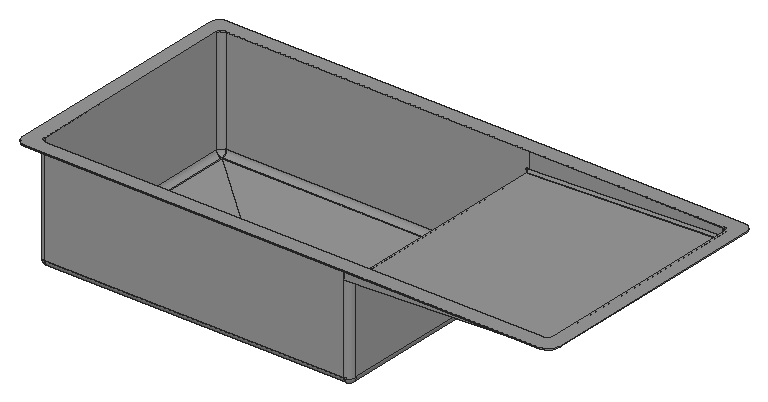
Revit family "BUILDMAT-SNGM009-Cody-950-Drainboard-Gunmetal", category Plumbing Fixtures, host Face, Revit 2020
Family settings
  Host = Face
  Round Connector Dimension = Use Diameter
  Part Type = Normal
  Cut with Voids When Loaded = No
  Shared = No
  Room Calculation Point = No
Parameters (values of type "Cody 950x450x205mm")
  Width = 550.0 mm
  Undermount [instance] = 0.0 mm
  URL = "https://www.buildmat.com.au/products/950x450x250-single-bowl-drainboard-sink"
  Model = "SNA01009"  # constant formula
  Manufacturer URL = "https://www.buildmat.com.au/"
  Manufacturer = "BUILDMAT"  # constant formula
  Length = 400.0 mm
  Drainboard Length = 350.0 mm
  Description = "BUILDMAT - Cody 950x450 Single Bowl with Drain Board Sink"  # constant formula
  Depth = 205.0 mm
  Default Elevation = 1219.2 mm
  Created By URL = "https://www.buildmat.com.au/"
  Created By = "BUILDMAT"  # constant formula
  Created = "22.06.2022"  # constant formula
  Material = BUILDMAT Gunmetal
Reference planes
  plane 1 "Center (Front/Back)": y = 0
  plane 2: z = 0
  plane 3 "Center (Left/Right)": x = 0
  plane 4 "Left": x = -275
  plane 5 "Right": x = 275
  plane 6 "Back": y = 200
  plane 7 "Front": y = -200
  plane 8 "Drainboard": x = 625
  plane 9: x = -276.5
  plane 10: x = 626.5
  plane 11: x = -265
  plane 12: x = 265
  plane 13: x = -300
  plane 14: x = 650
  plane 15: y = 201.5
  plane 16: y = -201.5
  plane 17: y = 100
  plane 18: y = -100
  plane 19: y = 225
  plane 20: y = -225
  plane 21 "Top Substrate": z = 0
  plane 22: z = 1.5
  plane 23 "Bottom Void": z = -205
  plane 24: z = -185
  plane 25: z = -195
  plane 26 "Sound Pad": z = -85
  plane 27: z = -196.5
  plane 28: z = -200
  plane 29: z = -201.5
  plane 30: x = -175
  plane 31: x = 175
  plane 32: x = 276.5
  plane 33: x = 615
  plane 34: y = 190
  plane 35: y = -190
  plane 36: x = -45
  plane 37: x = -57
  plane 38: x = 45
  plane 39: x = 57
  plane 40: z = -30
  plane 41: z = -15
  plane 42: x = -100
  plane 43: x = 100
  plane 44: x = 525
Forms (mm)
  Extrusion 1, void
    sketch origin (0, 0, 0) x (-1, 0, 0) y (0, -1, 0)
      loop
        arc (280, -225) -> (294.142, -219.142) -> (300, -205) r 20
        line (300, -205) -> (300, 205)
        arc (300, 205) -> (294.142, 219.142) -> (280, 225) r 20
        line (280, 225) -> (-630, 225)
        arc (-630, 225) -> (-644.142, 219.142) -> (-650, 205) r 20
        line (-650, 205) -> (-650, -205)
        arc (-650, -205) -> (-644.142, -219.142) -> (-630, -225) r 20
        line (-630, -225) -> (280, -225)
    from 0 to 1.5
  Extrusion 2, void
    sketch origin (0, 0, 0) x (-1, 0, 0) y (0, -1, 0)
      loop
        arc (265, -200) -> (272.071, -197.071) -> (275, -190) r 10
        line (275, -190) -> (275, 190)
        arc (275, 190) -> (272.071, 197.071) -> (265, 200) r 10
        line (265, 200) -> (-615, 200)
        arc (-615, 200) -> (-622.071, 197.071) -> (-625, 190) r 10
        line (-625, 190) -> (-625, -190)
        arc (-625, -190) -> (-622.071, -197.071) -> (-615, -200) r 10
        line (-615, -200) -> (265, -200)
    from 1.5 to 0
  Extrusion 3, void
    sketch origin (0, 0, 0) x (-1, 0, 0) y (0, -1, 0)
      loop
        line (276.5, -201.5) -> (276.5, 201.5) -> (-626.5, 201.5) -> (-626.5, -201.5) -> (276.5, -201.5)
    from 0 to -205
  Extrusion 4, solid, material "BUILDMAT Gunmetal" <- "Material"
    sketch origin (0, 0, 0) x (-1, 0, 0) y (0, -1, 0)
      loop
        arc (265, -200) -> (272.071, -197.071) -> (275, -190) r 10
        line (275, -190) -> (275, 190)
        arc (275, 190) -> (272.071, 197.071) -> (265, 200) r 10
        line (265, 200) -> (-265, 200)
        arc (-265, 200) -> (-272.071, 197.071) -> (-275, 190) r 10
        line (-275, 190) -> (-275, -190)
        arc (-275, -190) -> (-272.071, -197.071) -> (-265, -200) r 10
        line (-265, -200) -> (265, -200)
      loop
        arc (265, -201.5) -> (273.132, -198.132) -> (276.5, -190) r 11.5
        line (276.5, -190) -> (276.5, 190)
        arc (276.5, 190) -> (273.132, 198.132) -> (265, 201.5) r 11.5
        line (265, 201.5) -> (-265, 201.5)
        arc (-265, 201.5) -> (-273.132, 198.132) -> (-276.5, 190) r 11.5
        line (-276.5, 190) -> (-276.5, -190)
        arc (-276.5, -190) -> (-273.132, -198.132) -> (-265, -201.5) r 11.5
        line (-265, -201.5) -> (265, -201.5)
    from 0 to -185
  Extrusion 5, solid, material "BUILDMAT Gunmetal" <- "Material"
    sketch origin (0, 0, 0) x (-1, 0, 0) y (0, -1, 0)
      loop
        arc (280, -225) -> (294.142, -219.142) -> (300, -205) r 20
        line (300, -205) -> (300, 205)
        arc (300, 205) -> (294.142, 219.142) -> (280, 225) r 20
        line (280, 225) -> (-630, 225)
        arc (-630, 225) -> (-644.142, 219.142) -> (-650, 205) r 20
        line (-650, 205) -> (-650, -205)
        arc (-650, -205) -> (-644.142, -219.142) -> (-630, -225) r 20
        line (-630, -225) -> (280, -225)
      loop
        arc (265, -200) -> (272.071, -197.071) -> (275, -190) r 10
        line (275, -190) -> (275, 190)
        arc (275, 190) -> (272.071, 197.071) -> (265, 200) r 10
        line (265, 200) -> (-615, 200)
        arc (-615, 200) -> (-622.071, 197.071) -> (-625, 190) r 10
        line (-625, 190) -> (-625, -190)
        arc (-625, -190) -> (-622.071, -197.071) -> (-615, -200) r 10
        line (-615, -200) -> (265, -200)
    from 0 to 1.5
  Extrusion 6, solid, material "BUILDMAT Gunmetal" <- "Material"
    sketch origin (0, 0, 0) x (1, 0, 0) y (0, 0, 1)
      loop
        line (-275, -185) -> (-276.5, -185)
        arc (-276.5, -185) -> (-273.132, -193.132) -> (-265, -196.5) r 11.5
        line (-265, -196.5) -> (-265, -195)
        arc (-265, -195) -> (-272.071, -192.071) -> (-275, -185) r 10
    from -190 to 190
  Extrusion 7, solid, material "BUILDMAT Gunmetal" <- "Material"
    sketch origin (0, 0, 0) x (1, 0, 0) y (0, 0, 1)
      loop
        arc (275, -185) -> (272.071, -192.071) -> (265, -195) r 10
        line (265, -195) -> (265, -196.5)
        arc (265, -196.5) -> (273.132, -193.132) -> (276.5, -185) r 11.5
        line (276.5, -185) -> (275, -185)
    from -190 to 190
  Extrusion 8, solid, material "BUILDMAT Gunmetal" <- "Material"
    sketch origin (0, 0, 0) x (0, 1, 0) y (0, 0, 1)
      loop
        arc (200, -185) -> (197.071, -192.071) -> (190, -195) r 10
        line (190, -195) -> (190, -196.5)
        arc (190, -196.5) -> (198.132, -193.132) -> (201.5, -185) r 11.5
        line (201.5, -185) -> (200, -185)
    from -265 to 265
  Extrusion 9, solid, material "BUILDMAT Gunmetal" <- "Material"
    sketch origin (0, 0, 0) x (0, 1, 0) y (0, 0, 1)
      loop
        line (-200, -185) -> (-201.5, -185)
        arc (-201.5, -185) -> (-198.132, -193.132) -> (-190, -196.5) r 11.5
        line (-190, -196.5) -> (-190, -195)
        arc (-190, -195) -> (-197.071, -192.071) -> (-200, -185) r 10
    from -265 to 265
  Revolve 10, solid, material "BUILDMAT Gunmetal" <- "Material"
    sketch origin (-414.842, 190, 1219.2) x (-1, 0, 0) y (0, 0, 1)
      loop
        line (-149.842, -1414.2) -> (-149.842, -1415.7)
        arc (-149.842, -1415.7) -> (-141.711, -1412.332) -> (-138.342, -1404.2) r 11.5
        line (-138.342, -1404.2) -> (-139.842, -1404.2)
        arc (-139.842, -1404.2) -> (-142.771, -1411.271) -> (-149.842, -1414.2) r 10
      axis (-149.842, -1404.2) -> (-149.842, -1415.7)
    angle from 0 to -90
  Revolve 11, solid, material "BUILDMAT Gunmetal" <- "Material"
    sketch origin (-414.842, 190, 1219.2) x (-1, 0, 0) y (0, 0, 1)
      loop
        line (-689.842, -1404.2) -> (-691.342, -1404.2)
        arc (-691.342, -1404.2) -> (-687.974, -1412.332) -> (-679.842, -1415.7) r 11.5
        line (-679.842, -1415.7) -> (-679.842, -1414.2)
        arc (-679.842, -1414.2) -> (-686.913, -1411.271) -> (-689.842, -1404.2) r 10
      axis (-679.842, -1404.2) -> (-679.842, -1415.7)
    angle from 270 to 360
  Revolve 12, solid, material "BUILDMAT Gunmetal" <- "Material"
    sketch origin (-414.842, -190, 1219.2) x (-1, 0, 0) y (0, 0, 1)
      loop
        line (-149.842, -1414.2) -> (-149.842, -1415.7)
        arc (-149.842, -1415.7) -> (-141.711, -1412.332) -> (-138.342, -1404.2) r 11.5
        line (-138.342, -1404.2) -> (-139.842, -1404.2)
        arc (-139.842, -1404.2) -> (-142.771, -1411.271) -> (-149.842, -1414.2) r 10
      axis (-149.842, -1404.2) -> (-149.842, -1415.7)
    angle from 0 to 90
  Revolve 13, solid, material "BUILDMAT Gunmetal" <- "Material"
    sketch origin (-414.842, -190, 1219.2) x (-1, 0, 0) y (0, 0, 1)
      loop
        line (-689.842, -1404.2) -> (-691.342, -1404.2)
        arc (-691.342, -1404.2) -> (-687.974, -1412.332) -> (-679.842, -1415.7) r 11.5
        line (-679.842, -1415.7) -> (-679.842, -1414.2)
        arc (-679.842, -1414.2) -> (-686.913, -1411.271) -> (-689.842, -1404.2) r 10
      axis (-679.842, -1404.2) -> (-679.842, -1415.7)
    angle from -270 to -360
  Blend 14, solid, material "BUILDMAT Gunmetal" <- "Material"
    base sketch origin (0, 0, 0) x (-1, 0, 0) y (0, -1, 0)
      loop
        circle (0, 0) r 57
    top sketch origin (0, 0, 0) x (-1, 0, 0) y (0, -1, 0)
      loop
        line (265, -190) -> (265, 190) -> (-265, 190) -> (-265, -190) -> (265, -190)
    from -201.5 to -196.5
  Extrusion 15, solid, material "BUILDMAT Gunmetal" <- "Material"
    sketch origin (0, 0, 0) x (-1, 0, 0) y (0, -1, 0)
      loop
        line (265, -190) -> (265, 190) -> (-265, 190) -> (-265, -190) -> (265, -190)
    from -196.5 to -195
  Blend 16, void
    base sketch origin (0, 0, 0) x (-1, 0, 0) y (0, -1, 0)
      loop
        circle (0, 0) r 57
    top sketch origin (0, 0, 0) x (-1, 0, 0) y (0, -1, 0)
      loop
        line (265, -190) -> (265, 190) -> (-265, 190) -> (-265, -190) -> (265, -190)
    from -200 to -195
  Extrusion 17, void
    sketch origin (0, 0, 0) x (-1, 0, 0) y (0, -1, 0)
      loop
        circle (0, 0) r 57
    from -205 to -185
  Revolve 18, solid, material "BUILDMAT Gunmetal" <- "Material"
    sketch origin (0, 0, 0) x (1, 0, 0) y (0, 0, 1)
      loop
        line (-45, -205) -> (-45, -203.5)
        spline (-45, -203.5) -> (-46.371, -203.47) -> (-47.718, -203.381) -> (-49.018, -203.234) -> (-50.25, -203.031) -> (-51.392, -202.777) -> (-52.425, -202.475) -> (-53.33, -202.131) -> (-54.093, -201.75) -> (-54.701, -201.339) -> (-55.142, -200.906) -> (-55.41, -200.457) -> (-55.5, -200)
        line (-55.5, -200) -> (-57, -200)
        spline (-57, -200) -> (-56.897, -200.653) -> (-56.591, -201.294) -> (-56.087, -201.913) -> (-55.392, -202.5) -> (-54.52, -203.044) -> (-53.485, -203.536) -> (-52.305, -203.967) -> (-51, -204.33) -> (-49.592, -204.619) -> (-48.106, -204.83) -> (-46.566, -204.957) -> (-45, -205)
      axis (0, -200) -> (0, -205)
    angle from 0 to 360
  Extrusion 19, solid, material "BUILDMAT Gunmetal" <- "Material"
    sketch origin (0, 0, 0) x (1, 0, 0) y (0, 0, 1)
      loop
        line (626.5, -15) -> (626.5, 0) -> (625, 0) -> (625, -13.561) -> (265, -28.499) -> (265, -30) -> (626.5, -15)
    from -190 to 190
  Revolve 20, solid, material "BUILDMAT Gunmetal" <- "Material"
    sketch origin (-414.842, -190, 1219.2) x (-1, 0, 0) y (0, 0, 1)
      loop
        line (-1041.342, -1219.2) -> (-1041.342, -1234.2) -> (-1029.842, -1234.677) -> (-1029.842, -1233.176) -> (-1039.842, -1232.761) -> (-1039.842, -1219.2) -> (-1041.342, -1219.2)
      axis (-1029.842, -1234.677) -> (-1029.842, -1219.2)
    angle from 0 to 90
  Revolve 21, solid, material "BUILDMAT Gunmetal" <- "Material"
    sketch origin (-414.842, 190, 1219.2) x (-1, 0, 0) y (0, 0, 1)
      loop
        line (-1041.342, -1219.2) -> (-1041.342, -1234.2) -> (-1029.842, -1234.677) -> (-1029.842, -1233.176) -> (-1039.842, -1232.761) -> (-1039.842, -1219.2) -> (-1041.342, -1219.2)
      axis (-1029.842, -1219.2) -> (-1029.842, -1234.677)
    angle from -90 to 0
  SweptBlend 22, solid, material "BUILDMAT Gunmetal" <- "Material"
    path origin (0, 0, 0) x (-1, 0, 0) y (0, -1, 0)
      loop
        line (-615, -200) -> (-265, -200)
    profile origin (615, 200, 0) x (0, -1, 0) y (0, 0, 1)
      loop
        line (-1.5, -15) -> (10, -15.419) -> (10, -13.918) -> (0, -13.554) -> (0, 0) -> (-1.5, 0) -> (-1.5, -15)
    end profile origin (265, 200, 0) x (0, -1, 0) y (0, 0, 1)
      loop
        line (10, -28.499) -> (0, -28.134) -> (0, 0) -> (-1.5, 0) -> (-1.5, -29.581) -> (10, -30) -> (10, -28.499)
  SweptBlend 23, solid, material "BUILDMAT Gunmetal" <- "Material"
    path origin (0, 0, 0) x (-1, 0, 0) y (0, -1, 0)
      loop
        line (-615, 200) -> (-265, 200)
    profile origin (615, -200, 0) x (0, -1, 0) y (0, 0, 1)
      loop
        line (-10, -15.419) -> (1.5, -15) -> (1.5, 0) -> (0, 0) -> (0, -13.554) -> (-10, -13.918) -> (-10, -15.419)
    end profile origin (265, -200, 0) x (0, -1, 0) y (0, 0, 1)
      loop
        line (-10, -30) -> (1.5, -29.581) -> (1.5, 0) -> (0, 0) -> (0, -28.134) -> (-10, -28.499) -> (-10, -30)
  SweptBlend 24, void
    path origin (0, 0, 0) x (1, 0, 0) y (0, 0, 1)
      loop
        line (265, 0) -> (615, 0)
    profile origin (265, 0, 0) x (0, 0, 1) y (0, -1, 0)
      loop
        line (0, -200) -> (0, 200) -> (-29.635, 200) -> (-30, 190) -> (-30, -190) -> (-29.635, -200) -> (0, -200)
    end profile origin (615, 0, 0) x (0, 0, 1) y (0, -1, 0)
      loop
        line (0, -200) -> (0, 200) -> (-15, 200) -> (-15, -200) -> (0, -200)
  Extrusion 25, void
    sketch origin (0, 0, 0) x (-1, 0, 0) y (0, -1, 0)
      loop
        line (-265, -200) -> (-265, 200)
        arc (-265, 200) -> (-272.071, 197.071) -> (-275, 190) r 10
        line (-275, 190) -> (-275, -190)
        arc (-275, -190) -> (-272.071, -197.071) -> (-265, -200) r 10
    from 0 to -30
Cuts and joins
  SweptBlend 24 cuts Extrusion 4
  SweptBlend 24 cuts Extrusion 5
  joined: Extrusion 4, Extrusion 5
  Blend 16, Extrusion 17 cuts Blend 14
  Blend 16 cuts Extrusion 15
  joined: Blend 14, Extrusion 15
  SweptBlend 24 cuts Revolve 20
  SweptBlend 24 cuts Revolve 21
  Extrusion 25 cuts Extrusion 19
  Extrusion 25 cuts SweptBlend 22
  Extrusion 25 cuts SweptBlend 23
Lines and regions (mm)
  Masking region 1
    outline origin (0, 0, 0) x (1, 0, 0) y (0, 0, 1)
      loop
        line (-265, -195) -> (-57, -200) -> (57, -200) -> (265, -195)
        arc (265, -195) -> (272.071, -192.071) -> (275, -185) r 10
        line (275, -185) -> (275, -28.084) -> (625, -13.561) -> (625, 0) -> (-275, 0) -> (-275, -185)
        arc (-275, -185) -> (-272.071, -192.071) -> (-265, -195) r 10
  Masking region 2
    outline origin (0, 0, 0) x (1, 0, 0) y (0, 0, 1)
      loop
        line (-100, -200.466) -> (-100, -205) -> (-57, -205) -> (-57, -201.5) -> (-100, -200.466)
  Masking region 3
    outline origin (0, 0, 0) x (1, 0, 0) y (0, 0, 1)
      loop
        line (100, -200.466) -> (57, -201.5) -> (57, -205) -> (100, -205) -> (100, -200.466)
  Masking region 4
    outline origin (0, 0, 0) x (-1, 0, 0) y (0, -1, 0)
      loop
        arc (-275, 190) -> (-272.071, 197.071) -> (-265, 200) r 10
        line (-265, 200) -> (-615, 200)
        arc (-615, 200) -> (-622.071, 197.071) -> (-625, 190) r 10
        line (-625, 190) -> (-625, -190)
        arc (-625, -190) -> (-622.071, -197.071) -> (-615, -200) r 10
        line (-615, -200) -> (-265, -200)
        arc (-265, -200) -> (-272.071, -197.071) -> (-275, -190) r 10
        line (-275, -190) -> (-275, 190)
  Masking region 5
    outline origin (0, 0, 0) x (1, 0, 0) y (0, 0, 1)
      loop
        line (276.5, -77.929) -> (327.012, -27.417) -> (282.742, -29.261) -> (276.5, -35.503) -> (276.5, -77.929)
  Masking region 6
    outline origin (0, 0, 0) x (1, 0, 0) y (0, 0, 1)
      loop
        line (639, 0) -> (637.5, 0) -> (637.5, -15) -> (639, -15) -> (639, 0)
  symbolic lines
    curve 1: line (276.5, 0, -30) -> (270.471, 0, -36.029)
Text (mm)
  text "Refer to www.buildmat.com.au for the most current product literature. \nAllow a +/- 5mm tolerance for dimensions shown in the product literature. \nPlease note product details are subject to change due to ongoing product development." at (0.056, -1035.857, 0), in view "Ref. Level"
Dimensions and locks
  equal spacing: plane 4 "Left", plane 3 "Center (Left/Right)", plane 5 "Right"
  "Width": plane 4 "Left" to plane 5 "Right"
  equal spacing: plane 6 "Back", plane 1 "Center (Front/Back)", plane 7 "Front"
  "Length": plane 6 "Back" to plane 7 "Front"
  "Drainboard Length": plane 5 "Right" to plane 8 "Drainboard"
  plane 9 to plane 4 "Left" = 1.5 mm
  plane 8 "Drainboard" to plane 10 = 1.5 mm
  locked: plane 4 "Left" to plane 11 at 10
  locked: plane 12 to plane 5 "Right" at 10
  locked: plane 13 to plane 4 "Left" at 25
  locked: plane 8 "Drainboard" to plane 14 at 25
  locked: plane 15 to plane 6 "Back" at 1.5
  locked: plane 7 "Front" to plane 16 at 1.5
  locked: plane 6 "Back" to plane 17 at 100
  locked: plane 7 "Front" to plane 18 at 100
  locked: plane 7 "Front" to plane 20 at 25
  locked: plane 19 to plane 6 "Back" at 25
  locked: plane 22 to plane 21 "Top Substrate" at 1.5
  "Depth": plane 21 "Top Substrate" to plane 23 "Bottom Void"
  "Undermount": plane 2 to plane 21 "Top Substrate"
  plane 24 to plane 25 to plane 23 "Bottom Void" = 10.0 mm, 10.0 mm
  locked: plane 26 "Sound Pad" to plane 23 "Bottom Void" at 120
  locked: plane 25 to plane 27 at 1.5
  locked: plane 28 to plane 23 "Bottom Void" at 5
  plane 28 to plane 29 = 1.5 mm
  locked: plane 30 to plane 4 "Left" at 100
  locked: plane 5 "Right" to plane 31 at 100
  locked: plane 5 "Right" to plane 32 at 1.5
  locked: plane 33 to plane 8 "Drainboard" at 10
  locked: plane 6 "Back" to plane 34 at 10
  locked: plane 35 to plane 7 "Front" at 10
  plane 37 to plane 3 "Center (Left/Right)" to plane 39 = 57.0 mm, 57.0 mm
  plane 36 to plane 3 "Center (Left/Right)" to plane 38 = 45.0 mm, 45.0 mm
  plane 21 "Top Substrate" to plane 41 to plane 40 = 15.0 mm locked, 15.0 mm locked
  locked: Extrusion 19 sketch curve to Extrusion 19 sketch curve at 1.5
  plane 43 to plane 3 "Center (Left/Right)" to plane 42 = 100.0 mm locked, 100.0 mm locked
  locked: plane 44 to plane 8 "Drainboard" at 100
  aligned and locked: plane 2 to host face
  aligned and locked: level to host face
  aligned and locked: plane 13 to Extrusion 1 sketch curve
  aligned and locked: Extrusion 1 sketch curve to plane 14
  aligned and locked: Extrusion 1 sketch curve to plane 19
  aligned and locked: plane 20 to Extrusion 1 sketch curve
  aligned and locked: plane 7 "Front" to Extrusion 2 sketch curve
  aligned and locked: plane 4 "Left" to Extrusion 2 sketch curve
  aligned and locked: Extrusion 2 sketch curve to plane 6 "Back"
  aligned and locked: Extrusion 2 sketch curve to plane 8 "Drainboard"
  aligned and locked: plane 2 to Extrusion 2
  aligned and locked: Extrusion 2 to plane 22
  aligned and locked: Extrusion 3 sketch curve to plane 9
  aligned and locked: plane 10 to Extrusion 3 sketch curve
  aligned and locked: plane 16 to Extrusion 3 sketch curve
  aligned and locked: Extrusion 3 sketch curve to plane 15
  aligned and locked: Extrusion 3 to plane 23 "Bottom Void"
  aligned and locked: plane 21 "Top Substrate" to Extrusion 3
  aligned and locked: Extrusion 4 sketch curve to plane 6 "Back"
  aligned and locked: Extrusion 4 sketch curve to plane 15
  aligned and locked: Extrusion 4 sketch curve to plane 9
  aligned and locked: Extrusion 4 sketch curve to plane 4 "Left"
  aligned and locked: Extrusion 4 sketch curve to plane 32
  aligned and locked: Extrusion 4 sketch curve to plane 5 "Right"
  aligned and locked: Extrusion 4 sketch curve to plane 7 "Front"
  aligned and locked: Extrusion 4 sketch curve to plane 16
  aligned and locked: plane 21 "Top Substrate" to Extrusion 4
  aligned and locked: Extrusion 4 to plane 24
  aligned and locked: Extrusion 5 sketch curve to plane 19
  aligned and locked: Extrusion 5 sketch curve to plane 6 "Back"
  aligned and locked: Extrusion 5 sketch curve to plane 7 "Front"
  aligned and locked: Extrusion 5 sketch curve to plane 20
  aligned and locked: Extrusion 5 sketch curve to plane 4 "Left"
  aligned and locked: Extrusion 5 sketch curve to plane 13
  aligned and locked: Extrusion 5 sketch curve to plane 14
  aligned and locked: Extrusion 5 sketch curve to plane 8 "Drainboard"
  aligned and locked: Extrusion 5 to plane 21 "Top Substrate"
  aligned and locked: plane 22 to Extrusion 5
  aligned and locked: plane 34 to Extrusion 6
  aligned and locked: Extrusion 6 to plane 35
  aligned and locked: plane 34 to Extrusion 7
  aligned and locked: Extrusion 7 to plane 35
  aligned and locked: plane 12 to Extrusion 9
  aligned and locked: Extrusion 9 to plane 11
  aligned and locked: Extrusion 8 to plane 11
  aligned and locked: plane 12 to Extrusion 8
  aligned and locked: Revolve 10 sketch curve to plane 11
  aligned and locked: Revolve 10 sketch curve to Extrusion 6  (x2)
  aligned and locked: cut or joined group of Extrusion 4, Extrusion 5, SweptBlend 24 to Revolve 10 sketch curve
  aligned and locked: Revolve 10 sketch curve to Extrusion 9
  aligned and locked: Revolve 11 sketch curve to plane 12
  aligned and locked: Revolve 11 sketch curve to Extrusion 7  (x2)
  aligned and locked: Revolve 11 sketch curve to cut or joined group of Extrusion 4, Extrusion 5, SweptBlend 24
  aligned and locked: Extrusion 9 to Revolve 11 sketch curve
  aligned and locked: Revolve 12 sketch curve to plane 11
  aligned and locked: Revolve 12 sketch curve to Extrusion 6  (x2)
  aligned and locked: cut or joined group of Extrusion 4, Extrusion 5, SweptBlend 24 to Revolve 12 sketch curve
  aligned and locked: Revolve 12 sketch curve to Extrusion 9
  aligned and locked: Revolve 13 sketch curve to plane 12
  aligned and locked: Revolve 13 sketch curve to Extrusion 7  (x2)
  aligned and locked: Revolve 13 sketch curve to cut or joined group of Extrusion 4, Extrusion 5, SweptBlend 24
  aligned and locked: Extrusion 9 to Revolve 13 sketch curve
  aligned and locked: plane 35 to Blend 14 sketch curve
  aligned and locked: Blend 14 sketch curve to plane 34
  aligned and locked: plane 11 to Blend 14 sketch curve
  aligned and locked: Blend 14 sketch curve to plane 12
  aligned and locked: Blend 14 to plane 29
  aligned and locked: Blend 14 to plane 27
  aligned and locked: plane 11 to Extrusion 15 sketch curve
  aligned and locked: Extrusion 15 sketch curve to plane 34
  aligned and locked: plane 35 to Extrusion 15 sketch curve
  aligned and locked: Extrusion 15 sketch curve to plane 12
  aligned and locked: Extrusion 15 to plane 27
  aligned and locked: Extrusion 15 to plane 25
  aligned and locked: Blend 16 sketch curve to plane 34
  aligned and locked: plane 35 to Blend 16 sketch curve
  aligned and locked: plane 11 to Blend 16 sketch curve
  aligned and locked: Blend 16 sketch curve to plane 12
  aligned and locked: plane 28 to Blend 16
  aligned and locked: Blend 16 to plane 25
  aligned and locked: Extrusion 17 to plane 23 "Bottom Void"
  aligned and locked: plane 24 to Extrusion 17
  aligned and locked: Revolve 18 sketch curve to plane 3 "Center (Left/Right)"
  aligned and locked: Extrusion 19 sketch curve to plane 10
  aligned and locked: Extrusion 19 sketch curve to plane 8 "Drainboard"
  aligned and locked: plane 21 "Top Substrate" to Extrusion 19 sketch curve
  aligned and locked: plane 12 to Extrusion 19 sketch curve
  aligned and locked: plane 40 to Extrusion 19 sketch curve
  aligned and locked: plane 41 to Extrusion 19 sketch curve
  aligned and locked: Extrusion 19 to plane 35
  aligned and locked: plane 34 to Extrusion 19
  aligned and locked: plane 33 to Revolve 20 sketch curve  (x2)
  aligned and locked: Revolve 20 sketch curve to Extrusion 19  (x3)
  aligned and locked: Extrusion 19 to Revolve 20 sketch curve
  aligned and locked: cut or joined group of Extrusion 4, Extrusion 5, SweptBlend 24 to Revolve 20 sketch curve
  aligned and locked: Revolve 21 sketch curve to plane 33
  aligned and locked: Revolve 21 sketch curve to Extrusion 19  (x3)
  aligned and locked: Extrusion 19 to Revolve 21 sketch curve
  aligned and locked: Revolve 20 to Revolve 21 sketch curve
  aligned and locked: cut or joined group of Extrusion 4, Extrusion 5, SweptBlend 24 to Revolve 21 sketch curve
  aligned and locked: plane 12 to SweptBlend 22 sketch curve
  aligned and locked: plane 33 to SweptBlend 22 sketch curve
  aligned and locked: plane 6 "Back" to SweptBlend 22 sketch curve
  aligned and locked: plane 12 to SweptBlend 23 sketch curve
  aligned and locked: plane 33 to SweptBlend 23 sketch curve
  aligned and locked: plane 7 "Front" to SweptBlend 23 sketch curve
  aligned and locked: plane 12 to SweptBlend 24 sketch curve
  aligned and locked: plane 33 to SweptBlend 24 sketch curve
  aligned and locked: SweptBlend 24 sketch curve to plane 21 "Top Substrate"  (x3)
  aligned and locked: SweptBlend 24 sketch curve to plane 6 "Back"  (x2)
  aligned and locked: plane 7 "Front" to SweptBlend 24 sketch curve  (x2)
  aligned and locked: plane 40 to SweptBlend 24 sketch curve
  aligned and locked: plane 41 to SweptBlend 24 sketch curve
  aligned and locked: SweptBlend 22 to SweptBlend 24 sketch curve
  aligned and locked: SweptBlend 24 sketch curve to SweptBlend 23
  aligned and locked: Extrusion 25 sketch curve to cut or joined group of Extrusion 4, Extrusion 5, SweptBlend 24  (x2)
  aligned and locked: Extrusion 25 sketch curve to plane 12
  aligned and locked: Extrusion 25 to plane 40
  aligned and locked: nested 1 to plane 21 "Top Substrate"
  aligned and locked: plane 30 to nested 1
  aligned and locked: nested 2 to plane 21 "Top Substrate"
  aligned and locked: plane 31 to nested 2
  aligned and locked: nested 3 to plane 26 "Sound Pad"
  aligned and locked: plane 3 "Center (Left/Right)" to nested 3
  aligned and locked: plane 30 to nested 4
  aligned and locked: nested 4 to plane 15
  aligned and locked: plane 31 to nested 5
  aligned and locked: nested 5 to plane 15
  aligned and locked: nested 6 to plane 17
  aligned and locked: nested 6 to plane 9
  aligned and locked: nested 7 to plane 18
  aligned and locked: nested 7 to plane 9
  aligned and locked: nested 8 to plane 30
  aligned and locked: plane 16 to nested 8
  aligned and locked: plane 16 to nested 9
  aligned and locked: nested 9 to plane 31
  aligned and locked: nested 13 to plane 44
  aligned and locked: plane 44 to nested 10
  aligned and locked: nested 10 to plane 15
  aligned and locked: plane 16 to nested 13
  aligned and locked: plane 18 to nested 12
  aligned and locked: plane 10 to nested 12
  aligned and locked: plane 17 to nested 11
  aligned and locked: plane 10 to nested 11
  aligned and locked: plane 11 to nested 14
  aligned and locked: plane 12 to nested 14
  aligned and locked: plane 35 to nested 14
  aligned and locked: plane 34 to nested 14
  aligned and locked: plane 3 "Center (Left/Right)" to nested 15
  aligned and locked: plane 1 "Center (Front/Back)" to nested 15
Automatic sketch dimensions
  host sketch curve to host sketch curve = 2438.4 mm  (x2)
  Extrusion 1 sketch curve to plane 10 = 3.5 mm  (x2)
  plane 9 to Extrusion 1 sketch curve = 3.5 mm  (x2)
  Extrusion 2 sketch curve to plane 33 = 0.0 mm  (x2)
  Extrusion 2 sketch curve to plane 11 = 0.0 mm
  Extrusion 2 sketch curve to plane 34 = 0.0 mm
  Extrusion 4 sketch curve to Extrusion 4 sketch curve = 0.0 mm  (x4)
  Extrusion 4 sketch curve to plane 12 = 0.0 mm  (x2)
  Extrusion 4 sketch curve to plane 11 = 0.0 mm
  Extrusion 4 sketch curve to plane 34 = 0.0 mm
  Extrusion 5 sketch curve to plane 33 = 0.0 mm
  Extrusion 5 sketch curve to plane 11 = 0.0 mm  (x2)
  Extrusion 5 sketch curve to plane 35 = 0.0 mm
  Extrusion 5 sketch curve to plane 10 = 3.5 mm  (x2)
  plane 9 to Extrusion 5 sketch curve = 3.5 mm  (x2)
  Extrusion 6 sketch curve to plane 4 "Left" = 0.0 mm
  Extrusion 6 sketch curve to plane 11 = 0.0 mm
  Extrusion 6 sketch curve to plane 27 = 0.0 mm
  Extrusion 6 sketch curve to plane 25 = 0.0 mm
  Extrusion 7 sketch curve to plane 12 = 0.0 mm
  Extrusion 7 sketch curve to plane 5 "Right" = 0.0 mm
  Extrusion 7 sketch curve to plane 24 = 0.0 mm
  plane 32 to Extrusion 7 sketch curve = 0.0 mm
  Extrusion 8 sketch curve to plane 27 = 0.0 mm
  Extrusion 8 sketch curve to plane 34 = 0.0 mm
  Extrusion 8 sketch curve to plane 6 "Back" = 0.0 mm
  Extrusion 8 sketch curve to plane 15 = 0.0 mm
  Extrusion 9 sketch curve to plane 16 = 0.0 mm
  Extrusion 9 sketch curve to plane 7 "Front" = 0.0 mm
  Extrusion 9 sketch curve to plane 35 = 0.0 mm
  Extrusion 9 sketch curve to plane 24 = 0.0 mm
  Revolve 10 sketch curve to plane 27 = 0.0 mm
  Revolve 10 sketch curve to plane 24 = 10.0 mm
  Revolve 11 sketch curve to plane 27 = 0.0 mm
  Revolve 11 sketch curve to plane 24 = 0.0 mm
  Revolve 12 sketch curve to plane 27 = 0.0 mm
  Revolve 12 sketch curve to plane 24 = 0.0 mm
  Revolve 13 sketch curve to plane 27 = 0.0 mm
  Revolve 13 sketch curve to plane 24 = 0.0 mm
  plane 1 "Center (Front/Back)" to Blend 14 sketch curve = 0.0 mm
  Blend 14 sketch curve to plane 3 "Center (Left/Right)" = 0.0 mm
  plane 1 "Center (Front/Back)" to Blend 16 sketch curve = 0.0 mm
  Blend 16 sketch curve to plane 3 "Center (Left/Right)" = 0.0 mm
  plane 1 "Center (Front/Back)" to Extrusion 17 sketch curve = 0.0 mm
  Extrusion 17 sketch curve to plane 3 "Center (Left/Right)" = 0.0 mm
  Revolve 18 sketch curve to plane 28 = 0.0 mm  (x2)
  Revolve 18 sketch curve to plane 37 = 0.0 mm
  Revolve 18 sketch curve to plane 23 "Bottom Void" = 0.0 mm  (x2)
  Revolve 18 sketch curve to plane 36 = 0.0 mm
  Revolve 18 sketch curve to plane 24 = 0.0 mm
  plane 37 to Revolve 18 sketch curve = 1.5 mm
  Revolve 18 sketch curve to Revolve 18 sketch curve = 1.5 mm
  Revolve 20 sketch curve to plane 21 "Top Substrate" = 0.0 mm
  Revolve 20 sketch curve to plane 40 = 0.0 mm
  Revolve 21 sketch curve to plane 40 = 0.0 mm
  Revolve 21 sketch curve to plane 21 "Top Substrate" = 0.0 mm
  SweptBlend 22 sketch curve to plane 21 "Top Substrate" = 15.0 mm
  SweptBlend 22 sketch curve to profile plane = 10.0 mm  (x2)
  SweptBlend 22 sketch curve to SweptBlend 22 sketch curve = 0.419 mm  (x2)
  SweptBlend 22 sketch curve to SweptBlend 22 sketch curve = 1.501 mm  (x2)
  SweptBlend 22 sketch curve to SweptBlend 22 sketch curve = 1.446 mm  (x2)
  SweptBlend 22 sketch curve to plane 21 "Top Substrate" = 0.0 mm  (x2)
  profile plane to SweptBlend 22 sketch curve = 1.5 mm  (x2)
  SweptBlend 22 sketch curve to profile plane = 0.0 mm  (x2)
  SweptBlend 22 sketch curve to plane 21 "Top Substrate" = 28.499 mm
  SweptBlend 23 sketch curve to profile plane = 0.0 mm  (x2)
  SweptBlend 23 sketch curve to plane 21 "Top Substrate" = 0.0 mm  (x2)
  profile plane to SweptBlend 23 sketch curve = 10.0 mm
  SweptBlend 23 sketch curve to plane 21 "Top Substrate" = 13.554 mm
  SweptBlend 23 sketch curve to SweptBlend 23 sketch curve = 0.365 mm  (x2)
  SweptBlend 23 sketch curve to SweptBlend 23 sketch curve = 1.501 mm
  SweptBlend 23 sketch curve to profile plane = 1.5 mm  (x2)
  SweptBlend 23 sketch curve to SweptBlend 23 sketch curve = 1.446 mm  (x2)
  SweptBlend 23 sketch curve to plane 21 "Top Substrate" = 28.134 mm
  SweptBlend 23 sketch curve to SweptBlend 23 sketch curve = 0.419 mm
  SweptBlend 23 sketch curve to SweptBlend 23 sketch curve = 10.0 mm
  Masking region 1 sketch curve to plane 11 = 0.0 mm
  Masking region 1 sketch curve to plane 25 = 0.0 mm  (x2)
  Masking region 1 sketch curve to plane 8 "Drainboard" = 0.0 mm
  plane 41 to Masking region 1 sketch curve = 1.439 mm
  plane 40 to Masking region 1 sketch curve = 1.916 mm
  Masking region 1 sketch curve to plane 12 = 0.0 mm
  Masking region 1 sketch curve to plane 28 = 0.0 mm
  Masking region 1 sketch curve to plane 39 = 0.0 mm
  Masking region 1 sketch curve to plane 37 = 0.0 mm
  Masking region 1 sketch curve to plane 4 "Left" = 0.0 mm
  Masking region 1 sketch curve to plane 5 "Right" = 0.0 mm
  Masking region 1 sketch curve to plane 21 "Top Substrate" = 0.0 mm
  Masking region 2 sketch curve to plane 42 = 0.0 mm
  Masking region 2 sketch curve to plane 29 = 0.0 mm
  Masking region 2 sketch curve to plane 27 = 3.966 mm
  Masking region 2 sketch curve to plane 23 "Bottom Void" = 0.0 mm
  Masking region 2 sketch curve to plane 37 = 0.0 mm
  Masking region 3 sketch curve to plane 43 = 0.0 mm
  Masking region 3 sketch curve to plane 29 = 0.0 mm
  Masking region 3 sketch curve to plane 27 = 3.966 mm
  Masking region 3 sketch curve to plane 23 "Bottom Void" = 0.0 mm
  Masking region 3 sketch curve to plane 39 = 0.0 mm
  Masking region 4 sketch curve to plane 5 "Right" = 0.0 mm
  Masking region 4 sketch curve to plane 6 "Back" = 0.0 mm  (x2)
  Masking region 4 sketch curve to plane 12 = 0.0 mm  (x2)
  Masking region 4 sketch curve to plane 35 = 0.0 mm  (x2)
  Masking region 4 sketch curve to plane 33 = 0.0 mm  (x2)
  plane 11 to Masking region 4 sketch curve = 530.0 mm  (x2)
  Masking region 4 sketch curve to plane 8 "Drainboard" = 0.0 mm
  plane 32 to Masking region 5 sketch curve = 0.0 mm
  plane 26 "Sound Pad" to Masking region 5 sketch curve = 7.071 mm
  plane 40 to Masking region 5 sketch curve = 0.739 mm
  plane 5 "Right" to Masking region 5 sketch curve = 7.742 mm
  plane 40 to Masking region 5 sketch curve = 2.583 mm
  Masking region 5 sketch curve to plane 40 = 5.503 mm
  Masking region 5 sketch curve to Masking region 5 sketch curve = 44.271 mm
  Masking region 6 sketch curve to plane 41 = 0.0 mm
  Masking region 6 sketch curve to plane 10 = 11.0 mm
  Masking region 6 sketch curve to Masking region 6 sketch curve = 1.5 mm
  Masking region 6 sketch curve to plane 21 "Top Substrate" = 0.0 mm
  plane 32 to curve 1 = 0.0 mm
  curve 1 to plane 40 = 0.0 mm
  curve 1 to plane 5 "Right" = 4.529 mm
  curve 1 to plane 40 = 6.029 mm
  radius of Blend 14 sketch curve = 57.0 mm
  radius of Blend 16 sketch curve = 57.0 mm
  radius of Extrusion 17 sketch curve = 57.0 mm
Nested families
  nested 1: "TMB_Front" at (-175, 0, 0) x (1, 0, 0) z (0, -1, 0), type "TMB_Front"
  nested 2: "TMB_Front" at (175, 0, 0) x (1, 0, 0) z (0, -1, 0), type "TMB_Front"
  nested 3: "SP_Front" at (0, 0, -85) x (1, 0, 0) z (0, -1, 0), type "SP_Front"
  nested 4: "TMB_Plan" at (-175, 201.5, 0), type "TMB_Plan"
  nested 5: "TMB_Plan" at (175, 201.5, 0), type "TMB_Plan"
  nested 6: "TMB_Plan" at (-276.5, 100, 0) x (0, 1, 0) z (0, 0, 1), type "TMB_Plan"
  nested 7: "TMB_Plan" at (-276.5, -100, 0) x (0, 1, 0) z (0, 0, 1), type "TMB_Plan"
  nested 8: "TMB_Plan" at (-175, -201.5, 0) x (-1, 0, 0) z (0, 0, 1), type "TMB_Plan"
  nested 9: "TMB_Plan" at (175, -201.5, 0) x (-1, 0, 0) z (0, 0, 1), type "TMB_Plan"
  nested 10: "GB_Plan" at (525, 201.5, 0), type "GB_Plan"
  nested 11: "GB_Plan" at (626.5, 100, 0) x (0, -1, 0) z (0, 0, 1), type "GB_Plan"
  nested 12: "GB_Plan" at (626.5, -100, 0) x (0, -1, 0) z (0, 0, 1), type "GB_Plan"
  nested 13: "GB_Plan" at (525, -201.5, 0) x (-1, 0, 0) z (0, 0, 1), type "GB_Plan"
  nested 14: "BOWL Plan" at (0, 0, -85), type "BOWL Plan"
    with Width 530.0 mm, Lenght 380.0 mm
  nested 15: "DRAIN" at (0, 0, 0), type "DRAIN"
Definition of nested family "TMB_Front"
  Reference planes
    plane 1 "Center (Elevation)": y = 0
    plane 2: z = 0
    plane 3 "Center (Left/Right)": x = 0
  Lines and regions (mm)
    Masking region 1, in view "Ref. Level"
      outline origin (0, 0, 0) x (1, 0, 0) y (0, 1, 0)
        loop
          line (-17.5, 0) -> (-17.5, -80) -> (17.5, -80) -> (17.5, 0) -> (-17.5, 0)
    detail lines, in view "Ref. Level"
      curve 1: line (-17.5, 0, 0) -> (-17.5, -80, 0)
      curve 2: line (-17.5, -80, 0) -> (17.5, -80, 0)
      curve 3: line (17.5, -80, 0) -> (17.5, 0, 0)
      curve 4: line (-12.5, -50, 0) -> (12.5, -50, 0)
      curve 5: line (-12.5, -75, 0) -> (-12.5, -50, 0)
      curve 6: line (12.5, -75, 0) -> (-12.5, -75, 0)
      curve 7: line (12.5, -50, 0) -> (12.5, -75, 0)
Definition of nested family "SP_Front"
  Reference planes
    plane 1 "Center (Elevation)": y = 0
    plane 2: z = 0
    plane 3 "Center (Left/Right)": x = 0
  Lines and regions (mm)
    Masking region 1, in view "Ref. Level"
      outline origin (0, 0, 0) x (1, 0, 0) y (0, 1, 0)
        loop
          arc (-50, 40) -> (-57.071, 37.071) -> (-60, 30) r 10
          line (-60, 30) -> (-60, -30)
          arc (-60, -30) -> (-57.071, -37.071) -> (-50, -40) r 10
          line (-50, -40) -> (50, -40)
          arc (50, -40) -> (57.071, -37.071) -> (60, -30) r 10
          line (60, -30) -> (60, 30)
          arc (60, 30) -> (57.071, 37.071) -> (50, 40) r 10
          line (50, 40) -> (-50, 40)
    detail lines, in view "Ref. Level"
      curve 1: line (-50, 40, 0) -> (50, 40, 0)
      curve 2: line (50, -40, 0) -> (-50, -40, 0)
      curve 3: line (60, 30, 0) -> (60, -30, 0)
      curve 4: line (-60, 30, 0) -> (-60, -30, 0)
      curve 5: arc (-50, 40, 0) -> (-57.071, 37.071, 0) -> (-60, 30, 0) r 10
      curve 6: arc (-60, -30, 0) -> (-57.071, -37.071, 0) -> (-50, -40, 0) r 10
      curve 7: arc (50, -40, 0) -> (57.071, -37.071, 0) -> (60, -30, 0) r 10
      curve 8: arc (60, 30, 0) -> (57.071, 37.071, 0) -> (50, 40, 0) r 10
  Dimensions and locks
    aligned and locked: Masking region 1 sketch curve to curve 1
    aligned and locked: Masking region 1 sketch curve to curve 4
    aligned and locked: Masking region 1 sketch curve to curve 2
    aligned and locked: Masking region 1 sketch curve to curve 3
Definition of nested family "TMB_Plan"
  Reference planes
    plane 1 "Center (Front/Back)": y = 0
    plane 2: z = 0
    plane 3 "Center (Left/Right)": x = 0
  Lines and regions (mm)
    detail lines, in view "Ref. Level"
      curve 1: line (-17.5, 0, 0) -> (17.5, 0, 0)
      curve 2: line (17.5, 0, 0) -> (17.5, 5, 0)
      curve 3: line (17.5, 5, 0) -> (12.5, 5, 0)
      curve 4: line (-17.5, 0, 0) -> (-17.5, 5, 0)
      curve 5: line (-17.5, 5, 0) -> (-12.5, 5, 0)
Definition of nested family "GB_Plan"
  Reference planes
    plane 1 "Center (Front/Back)": y = 0
    plane 2: z = 0
    plane 3 "Center (Left/Right)": x = 0
  Lines and regions (mm)
    detail lines, in view "Ref. Level"
      curve 1: line (-10, 0, 0) -> (10, 0, 0)
      curve 2: line (-10, 0, 0) -> (-10, 10, 0)
      curve 3: line (10, 0, 0) -> (10, 10, 0)
      curve 4: line (-10, 10, 0) -> (-6.464, 13.536, 0)
      curve 5: line (10, 10, 0) -> (6.464, 13.536, 0)
Definition of nested family "BOWL Plan"
  Parameters (values of type "BOWL Plan")
    Width [instance] = 600.0 mm
    Lenght [instance] = 400.0 mm
  Reference planes
    plane 1 "Center (Front/Back)": y = 0
    plane 2: z = 0
    plane 3 "Center (Left/Right)": x = 0
    plane 4 "Left": x = -300
    plane 5 "Right": x = 300
    plane 6 "Back": y = 200
    plane 7 "Front": y = -200
  Lines and regions (mm)
    Masking region 1, in view "Ref. Level"
      outline origin (0, 0, 0) x (1, 0, 0) y (0, 1, 0)
        loop
          line (-300, 200) -> (-300, -200) -> (300, -200) -> (300, 200) -> (-300, 200)
    detail lines, in view "Ref. Level"
      curve 1: line (-300, 200, 0) -> (300, -200, 0)
      curve 2: line (-300, -200, 0) -> (300, 200, 0)
  Dimensions and locks
    equal spacing: plane 6 "Back", plane 1 "Center (Front/Back)", plane 7 "Front"
    "Lenght": plane 6 "Back" to plane 7 "Front"
    equal spacing: plane 4 "Left", plane 3 "Center (Left/Right)", plane 5 "Right"
    "Width": plane 4 "Left" to plane 5 "Right"
    aligned and locked: plane 4 "Left" to Masking region 1 sketch curve
    aligned and locked: Masking region 1 sketch curve to plane 5 "Right"
    aligned and locked: plane 7 "Front" to Masking region 1 sketch curve
    aligned and locked: Masking region 1 sketch curve to plane 6 "Back"
  Automatic sketch dimensions
    curve 2 to plane 4 "Left" = 0.0 mm
    curve 1 to plane 4 "Left" = 0.0 mm
    curve 2 to plane 5 "Right" = 0.0 mm
    curve 1 to plane 5 "Right" = 0.0 mm
    curve 1 to plane 7 "Front" = 0.0 mm
    curve 2 to plane 7 "Front" = 0.0 mm
    curve 2 to plane 6 "Back" = 0.0 mm
    curve 1 to plane 6 "Back" = 0.0 mm
Definition of nested family "DRAIN"
  Reference planes
    plane 1 "Center (Front/Back)": y = 0
    plane 2: z = 0
    plane 3 "Center (Left/Right)": x = 0
  Lines and regions (mm)
    Masking region 1, in view "Ref. Level"
      outline origin (0, 0, 0) x (1, 0, 0) y (0, 1, 0)
        loop
          circle (0, 0) r 57
    detail lines, in view "Ref. Level"
      curve 1: circle (0, 0, 0) r 45 normal (0, 0, 1)
      curve 2: circle (0, 0, 0) r 55.5 normal (0, 0, 1)
